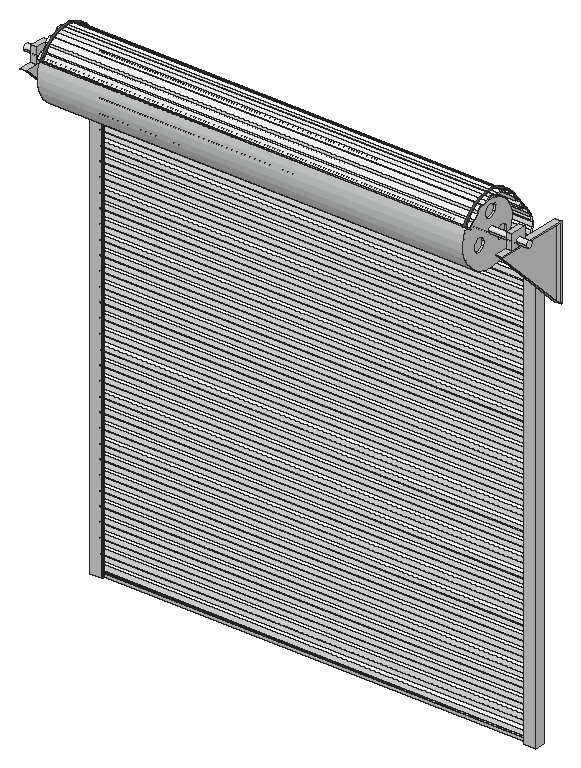
Revit family "ProStar-Rolling-Steel-Sheet-Doors_OHD_Model-790CW-REV-A_compact", category Specialty Equipment, host Wall, Revit 2023 (continued)
Definition of nested family "Operator"
  Forms (in)
    Extrusion 12, void
      sketch origin (10.25478, 9.72219, -22.287) x (1, 0, 0) y (0, 0, 1)
        loop
          arc (-1.483, -0.25) -> (-1.65978, -0.32322) -> (-1.733, -0.5) r 0.25
          line (-1.733, -0.5) -> (-1.733, -5.2)
          arc (-1.733, -5.2) -> (-1.65978, -5.37678) -> (-1.483, -5.45) r 0.25
          line (-1.483, -5.45) -> (-1.436, -5.45)
          arc (-1.436, -5.45) -> (-1.3643, -5.47261) -> (-1.31854, -5.53225) r 0.125
          line (-1.31854, -5.53225) -> (-0.88341, -6.72775)
          arc (-0.88341, -6.72775) -> (-0.83765, -6.78739) -> (-0.76595, -6.81) r 0.125
          line (-0.76595, -6.81) -> (0.76595, -6.81)
          arc (0.76595, -6.81) -> (0.83765, -6.78739) -> (0.88341, -6.72775) r 0.125
          line (0.88341, -6.72775) -> (1.31854, -5.53225)
          arc (1.31854, -5.53225) -> (1.3643, -5.47261) -> (1.436, -5.45) r 0.125
          line (1.436, -5.45) -> (1.483, -5.45)
          arc (1.483, -5.45) -> (1.65978, -5.37678) -> (1.733, -5.2) r 0.25
          line (1.733, -5.2) -> (1.733, -0.5)
          arc (1.733, -0.5) -> (1.65978, -0.32322) -> (1.483, -0.25) r 0.25
      from 5.30399 to 6.38271
    Extrusion 13, solid, material <- "Main Color", visible <- "Electric Operator RLD"
      sketch origin (10.25478, 9.72219, -22.287) x (1, 0, 0) y (0, 0, 1)
        loop
          arc (-1.483, -0.35) -> (-1.58907, -0.39393) -> (-1.633, -0.5) r 0.15
          line (-1.633, -0.5) -> (-1.633, -5.1)
          arc (-1.633, -5.1) -> (-1.58907, -5.20607) -> (-1.483, -5.25) r 0.15
          line (-1.483, -5.25) -> (1.483, -5.25)
          arc (1.483, -5.25) -> (1.58907, -5.20607) -> (1.633, -5.1) r 0.15
          line (1.633, -5.1) -> (1.633, -0.5)
          arc (1.633, -0.5) -> (1.58907, -0.39393) -> (1.483, -0.35) r 0.15
          line (1.483, -0.35) -> (-1.483, -0.35)
      from 5.30399 to 6.46979
    Revolve 14, solid, material <- "Main Color", visible <- "Electric Operator RLD"
      sketch origin (10.25478, 9.72219, -22.287) x (1, 0, 0) y (0, 0, 1)
        loop
          line (-2.7335, 0) -> (-2.7335, 1.1) -> (-4.3055, 1.1) -> (-4.3055, 0.5) -> (-5.9165, 0.5) -> (-5.9165, 0) -> (-2.7335, 0)
        loop
          line (2.7335, 0.624) -> (2.7335, 0) -> (3.4305, 0) -> (3.4305, 0.624) -> (2.7335, 0.624)
        axis (-5.9165, 0) -> (3.4305, 0)
      angle from 0 to 360
    Extrusion 15, solid, material <- "Main Color", visible <- "Electric Operator RLD"
      sketch origin (10.25478, 9.72219, -22.287) x (1, 0, 0) y (0, 1, 0)
        loop
          line (4.5845, 1.967) -> (4.5845, 2.77)
          arc (4.5845, 2.77) -> (4.51128, 2.94678) -> (4.3345, 3.02) r 0.25
          line (4.3345, 3.02) -> (2.9835, 3.02)
          arc (2.9835, 3.02) -> (2.80672, 2.94678) -> (2.7335, 2.77) r 0.25
          line (2.7335, 2.77) -> (2.7335, 1.1) -> (2.8085, 1.1) -> (2.8085, 2.77)
          arc (2.8085, 2.77) -> (2.85976, 2.89374) -> (2.9835, 2.945) r 0.175
          line (2.9835, 2.945) -> (4.3345, 2.945)
          arc (4.3345, 2.945) -> (4.45824, 2.89374) -> (4.5095, 2.77) r 0.175
          line (4.5095, 2.77) -> (4.5095, 1.967) -> (4.5845, 1.967)
        loop
          line (-4.5845, 1.967) -> (-4.5095, 1.967) -> (-4.5095, 2.77)
          arc (-4.5095, 2.77) -> (-4.45824, 2.89374) -> (-4.3345, 2.945) r 0.175
          line (-4.3345, 2.945) -> (-2.9835, 2.945)
          arc (-2.9835, 2.945) -> (-2.85976, 2.89374) -> (-2.8085, 2.77) r 0.175
          line (-2.8085, 2.77) -> (-2.8085, 1.1) -> (-2.7335, 1.1) -> (-2.7335, 2.77)
          arc (-2.7335, 2.77) -> (-2.80672, 2.94678) -> (-2.9835, 3.02) r 0.25
          line (-2.9835, 3.02) -> (-4.3345, 3.02)
          arc (-4.3345, 3.02) -> (-4.51128, 2.94678) -> (-4.5845, 2.77) r 0.25
          line (-4.5845, 2.77) -> (-4.5845, 1.967)
      from -9.168 to 1.9316
    Extrusion 16, void
      sketch origin (14.83928, 11.68919, -22.287) x (0, 1, 0) y (0, 0, 1)
        loop
          line (1.053, 0.1746) -> (0.753, 0.1746) -> (0, -0.5784) -> (0, -6.658) -> (0.753, -7.411) -> (1.053, -7.411) -> (1.053, 0.1746)
        loop
          line (-0.867, 1.9316) -> (-0.867, -9.8661) -> (1.54655, -9.8661) -> (1.54655, 1.9316) -> (-0.867, 1.9316)
      from 0 to -0.25
    Extrusion 17, void
      sketch origin (5.67028, -9.00507, -22.287) x (0, -1, 0) y (0, 0, -1)
        loop
          line (-21.74726, -0.1746) -> (-21.44726, -0.1746) -> (-20.69426, 0.5784) -> (-20.69426, 6.658) -> (-21.44726, 7.411) -> (-21.74726, 7.411) -> (-21.74726, -0.1746)
        loop
          line (-19.82726, -1.9316) -> (-19.82726, 9.8661) -> (-22.24081, 9.8661) -> (-22.24081, -1.9316) -> (-19.82726, -1.9316)
      from 0 to 0.25
  Cuts and joins
    joined: Extrusion 3, Extrusion 6
    Extrusion 9, SweptBlend 10, SweptBlend 11, Extrusion 12 cuts Extrusion 8
    SweptBlend 11 cuts Extrusion 13
    Extrusion 16, Extrusion 17 cuts Extrusion 15
  Lines and regions (in)
    Masking region 1, visible <- "Chain Hoist"
      outline origin (0, 0, 0) x (1, 0, 0) y (0, 1, 0)
        loop
          line (4.25, 4.325) -> (4.25, -4.325) -> (5.75, -4.325) -> (5.75, 4.325) -> (4.25, 4.325)
    Masking region 2, visible <- "Electrical Operator RMZ"
      outline origin (10.5, 12.74219, -25) x (1, 0, 0) y (0, 1, 0)
        loop
          line (4.3125, -7.27045) -> (2.48828, -7.27045) -> (2.48828, -0.12) -> (4.5, -0.12) -> (4.5, 0) -> (-3, 0) -> (-3, -0.12) -> (-2.48828, -0.12) -> (-2.48828, -7.27045) -> (-3, -7.27045) -> (-3, -10.70282)
          arc (-3, -10.70282) -> (0.61574, -10.86777) -> (4.21974, -10.53323) r 26.22103
          arc (4.21974, -10.53323) -> (4.44116, -10.40823) -> (4.5289, -10.16958) r 0.36846
          line (4.5289, -10.16958) -> (4.5289, -9.91303) -> (4.3125, -9.91303) -> (4.3125, -7.27045)
    Masking region 3, visible <- "Electrical Operator RMZ"
      outline origin (10.5, 12.74219, -25) x (1, 0, 0) y (0, 1, 0)
        loop
          line (-8, -3.25) -> (-8, -4.25) -> (-4.5, -4.25) -> (-4.5, -3.25) -> (-8, -3.25)
        loop
          line (8, -3.25) -> (2.48828, -3.25) -> (2.48828, -4.25) -> (8, -4.25) -> (8, -3.25)
        loop
          line (-3, -3.25) -> (-3, -4.25) -> (-2.48828, -4.25) -> (-2.48828, -3.25) -> (-3, -3.25)
    Masking region 4, visible <- "Electric Operator RLD"
      outline origin (10.25478, 9.72219, -22.287) x (1, 0, 0) y (0, 1, 0)
        loop
          line (-4.3055, -0.5) -> (-4.3055, -1.1) -> (-4.25478, -1.1) -> (-4.25478, 1.10009) -> (-4.3055, 1.10009) -> (-4.3055, 0.5) -> (-5.9165, 0.5) -> (-5.9165, -0.5) -> (-4.3055, -0.5)
        loop
          line (-4.5095, 1.967) -> (-4.5095, 2.77)
          arc (-4.5095, 2.77) -> (-4.45824, 2.89374) -> (-4.3345, 2.945) r 0.175
          line (-4.3345, 2.945) -> (-4.25478, 2.945) -> (-4.25478, 3.02) -> (-4.3345, 3.02)
          arc (-4.3345, 3.02) -> (-4.51128, 2.94678) -> (-4.5845, 2.77) r 0.25
          line (-4.5845, 2.77) -> (-4.5845, 1.967) -> (-4.5095, 1.967)
        loop
          spline (-2.75478, -5.7571) -> (-2.68756, -5.78061) -> (-2.6201, -5.80354) -> (-2.55241, -5.82587) -> (-2.48449, -5.84762) -> (-2.41637, -5.86877) -> (-2.34804, -5.88932) -> (-2.27952, -5.90927) -> (-2.21081, -5.92862) -> (-2.14194, -5.94737) -> (-2.07289, -5.9655) -> (-2.00369, -5.98302) -> (-1.93435, -5.99993)
          spline (-1.93435, -5.99993) -> (-1.86766, -6.01559) -> (-1.80084, -6.0307) -> (-1.7339, -6.04526) -> (-1.66684, -6.05927) -> (-1.59967, -6.07273) -> (-1.53239, -6.08563) -> (-1.465, -6.09798) -> (-1.39752, -6.10977) -> (-1.32994, -6.121) -> (-1.26228, -6.13168) -> (-1.19452, -6.14181) -> (-1.12669, -6.15137)
          spline (-1.12669, -6.15137) -> (-1.11508, -6.14657) -> (-1.10347, -6.14176) -> (-1.09186, -6.13694) -> (-1.08026, -6.13211) -> (-1.06865, -6.12727) -> (-1.05705, -6.12242) -> (-1.04544, -6.11756) -> (-1.03384, -6.11269) -> (-1.02223, -6.10782) -> (-1.01063, -6.10293) -> (-0.99903, -6.09804) -> (-0.98742, -6.09313)
          arc (-0.98742, -6.09313) -> (0.00011, -6.14753) -> (0.98765, -6.09311) r 8.98829
          spline (0.98765, -6.09311) -> (0.99923, -6.098) -> (1.01081, -6.10289) -> (1.0224, -6.10777) -> (1.03398, -6.11263) -> (1.04557, -6.11749) -> (1.05715, -6.12234) -> (1.06873, -6.12718) -> (1.08032, -6.13201) -> (1.09191, -6.13683) -> (1.10349, -6.14165) -> (1.11508, -6.14645) -> (1.12667, -6.15124)
          spline (1.12667, -6.15124) -> (1.26316, -6.13142) -> (1.39931, -6.10933) -> (1.53507, -6.08499) -> (1.67041, -6.0584) -> (1.80529, -6.02958) -> (1.93968, -5.99852) -> (2.07353, -5.96524) -> (2.20681, -5.92975) -> (2.33948, -5.89205) -> (2.47151, -5.85215) -> (2.60286, -5.81008) -> (2.7335, -5.76583)
          line (2.7335, -5.76583) -> (2.7335, -0.624) -> (3.4305, -0.624) -> (3.4305, 0.624) -> (2.7335, 0.624) -> (2.7335, 1.1) -> (2.8085, 1.1) -> (2.8085, 2.77)
          arc (2.8085, 2.77) -> (2.85976, 2.89374) -> (2.9835, 2.945) r 0.175
          line (2.9835, 2.945) -> (4.3345, 2.945)
          arc (4.3345, 2.945) -> (4.45824, 2.89374) -> (4.5095, 2.77) r 0.175
          line (4.5095, 2.77) -> (4.5095, 1.967) -> (4.5845, 1.967) -> (4.5845, 2.77)
          arc (4.5845, 2.77) -> (4.51128, 2.94678) -> (4.3345, 3.02) r 0.25
          line (4.3345, 3.02) -> (2.9835, 3.02)
          arc (2.9835, 3.02) -> (2.80672, 2.94678) -> (2.7335, 2.77) r 0.25
          line (2.7335, 2.77) -> (2.7335, 2.57) -> (-2.75478, 2.57) -> (-2.75478, -5.7571)
    reference lines
      curve 1: line (10.5, 12.74219, 0) -> (10.5, 12.74219, 10)
      curve 2: line (10.5, 12.74219, -25) -> (23.5, 12.74219, -25)
      curve 6: line (10.25478, 9.72219, -22.287) -> (22.25478, 9.72219, -22.287)
    symbolic lines, visible <- "Electrical Operator RMZ"
      curve 3: line (8.01172, 12.74219, -25) -> (8.01172, 5.47173, -25)
      curve 4: line (12.98828, 5.47173, -25) -> (12.98828, 12.74219, -25)
      curve 5: line (8.01172, 5.47173, -25) -> (12.98828, 5.47173, -25)
    symbolic lines, visible <- "Electric Operator RLD"
      curve 7: line (5.94928, 10.82227, -22.287) -> (5.94928, 8.62219, -22.287)
      curve 8: line (12.98828, 12.29219, -22.287) -> (12.98828, 3.95636, -22.287)
      curve 9: line (8.62178, 4.12293, -22.287) -> (8.62178, 3.73646, -22.287)
      curve 10: spline (8.77157, 4.1224, -22.287) -> (8.75206, 4.12401, -22.287) -> (8.73287, 4.12538, -22.287) -> (8.71433, 4.12648, -22.287) -> (8.69676, 4.1273, -22.287) -> (8.68046, 4.12781, -22.287) -> (8.66572, 4.12802, -22.287) -> (8.65279, 4.12791, -22.287) -> (8.64189, 4.12749, -22.287) -> (8.63321, 4.12677, -22.287) -> (8.6269, 4.12576, -22.287) -> (8.62307, 4.12447, -22.287) -> (8.62178, 4.12293, -22.287)
      curve 11: arc (11.7399, 4.12256, -22.287) -> (10.25574, 4.06092, -22.287) -> (8.77157, 4.1224, -22.287) r 17.92155
      curve 12: spline (8.62178, 3.73646, -22.287) -> (8.62377, 3.73437, -22.287) -> (8.62821, 3.73191, -22.287) -> (8.63504, 3.72911, -22.287) -> (8.64413, 3.72601, -22.287) -> (8.65535, 3.72267, -22.287) -> (8.6685, 3.71915, -22.287) -> (8.68338, 3.7155, -22.287) -> (8.69974, 3.71178, -22.287) -> (8.7173, 3.70805, -22.287) -> (8.73579, 3.70437, -22.287) -> (8.7549, 3.70081, -22.287) -> (8.77431, 3.69742, -22.287)
      curve 13: arc (8.77431, 3.69742, -22.287) -> (10.25556, 3.57465, -22.287) -> (11.7368, 3.69768, -22.287) r 8.98829
      curve 14: spline (11.7368, 3.69768, -22.287) -> (11.75606, 3.70112, -22.287) -> (11.77501, 3.70472, -22.287) -> (11.79332, 3.70842, -22.287) -> (11.81071, 3.71215, -22.287) -> (11.82689, 3.71587, -22.287) -> (11.8416, 3.7195, -22.287) -> (11.8546, 3.72299, -22.287) -> (11.86569, 3.72628, -22.287) -> (11.87468, 3.72932, -22.287) -> (11.88142, 3.73207, -22.287) -> (11.88581, 3.73447, -22.287) -> (11.88778, 3.73648, -22.287)
      curve 15: line (11.88778, 3.73648, -22.287) -> (11.88778, 4.12293, -22.287)
      curve 16: spline (11.88778, 4.12293, -22.287) -> (11.88652, 4.12439, -22.287) -> (11.88275, 4.12561, -22.287) -> (11.87654, 4.12657, -22.287) -> (11.868, 4.12726, -22.287) -> (11.85726, 4.12766, -22.287) -> (11.84452, 4.12777, -22.287) -> (11.82999, 4.12759, -22.287) -> (11.81391, 4.12712, -22.287) -> (11.79656, 4.12636, -22.287) -> (11.77823, 4.12534, -22.287) -> (11.75924, 4.12407, -22.287) -> (11.7399, 4.12256, -22.287)
      curve 17: arc (7.52128, 4.41018, -22.287) -> (10.25478, 4.31219, -22.287) -> (12.98828, 4.41018, -22.287) r 38.174
  Dimensions and locks (in)
    Extrusion 1 sketch curve to Extrusion 1 sketch curve = 8.65"
    plane 3 "Center (Left/Right)" to plane 4 = 3 1/4"
    "Floor To CL": level to plane 6
    locked: plane 7 to plane 6 at 30
    "Chain Offset": level to Sweep 2 sketch curve  (x2)
    locked: plane 1 "Center (Front/Back)" to plane 8 at 12.74219
    locked: curve 1 to curve 1 at 10
    locked: curve 2 to curve 2 at 13
    level to curve 2 = 25"
    "C H Offset": plane 1 "Center (Front/Back)" to Extrusion 7 sketch curve
    "C V Offset": level to Extrusion 7 sketch curve
    locked: curve 6 to curve 6 at 12
    locked: Extrusion 8 sketch curve to Extrusion 8 sketch curve at 14.55
    locked: Extrusion 8 sketch curve to curve 6 at 2.182
    locked: Extrusion 8 sketch curve to Extrusion 8 sketch curve at 5.467
    Extrusion 8 sketch curve to Extrusion 8 sketch curve = 5.467"
    locked: SweptBlend 11 sketch curve to curve 6 at 6.24
    locked: SweptBlend 10 sketch curve to curve 6 at 6.24
    locked: plane 9 to SweptBlend 10 sketch curve at 5.998
    locked: SweptBlend 10 sketch curve to SweptBlend 10 sketch curve at 6.37
    locked: SweptBlend 11 sketch curve to plane 9 at 2.182
    locked: SweptBlend 11 sketch curve to SweptBlend 11 sketch curve at 8.36382
    locked: level to plane 9 at 22.287
    locked: plane 8 to curve 6 at 3.02
    locked: Extrusion 15 sketch curve to Extrusion 15 sketch curve at 0.075  (x6)
    locked: Extrusion 15 sketch curve to Extrusion 15 sketch curve at 1.053  (x2)
    locked: Extrusion 15 sketch curve to Extrusion 15 sketch curve at 1.92  (x2)
    radius of Extrusion 8 sketch curve = 0.296"  (x4)
    radius of Extrusion 9 sketch curve = 1/4"  (x2)
    radius of Extrusion 9 sketch curve = 0.21"  (x2)
    radius of Extrusion 12 sketch curve = 1/4"  (x4)
    radius of Extrusion 12 sketch curve = 1/8"  (x4)
    radius of Extrusion 15 sketch curve = 1/4"  (x4)
    radius of Extrusion 15 sketch curve = 0.175"  (x4)
    aligned and locked: plane 2 to level
    aligned and locked: Extrusion 1 to plane 5 "1"
    aligned and locked: plane 7 to Sweep 2 sketch curve  (x2)
    aligned and locked: Masking region 1 sketch curve to Extrusion 1  (x4)
    aligned and locked: level to curve 1
    aligned and locked: Extrusion 7 to plane 3 "Center (Left/Right)"
    aligned and locked: Revolve 14 sketch curve to curve 6
    aligned and locked: Revolve 14 sketch curve to Revolve 14 sketch curve
  Automatic sketch dimensions
    plane 1 "Center (Front/Back)" to Extrusion 1 sketch curve = 4.325"
    plane 1 "Center (Front/Back)" to Extrusion 1 sketch curve = 1 1/2"
    Extrusion 1 sketch curve to plane 1 "Center (Front/Back)" = 1 1/2"
    Extrusion 1 sketch curve to level = 10.72"
    Extrusion 1 sketch curve to Extrusion 1 sketch curve = 1.50208"  (x2)
    level to Extrusion 1 sketch curve = 1.68"
    profile plane to Sweep 2 sketch curve = 0"
    plane 5 "1" to Sweep 2 sketch curve = 3/4"
    plane 5 "1" to curve 1 = 6 1/4"
    curve 1 to Extrusion 3 sketch curve = 2 125/256"
    Extrusion 3 sketch curve to curve 1 = 41"
    Extrusion 3 sketch curve to Extrusion 3 sketch curve = 19 7/8"
    Extrusion 3 sketch curve to curve 1 = 2 125/256"
    curve 2 to curve 1 = 0"
    Extrusion 4 sketch curve to curve 2 = 0"
    curve 2 to Extrusion 4 sketch curve = 0"
    Extrusion 4 sketch curve to curve 2 = 4 1/2"
    Extrusion 4 sketch curve to Extrusion 4 sketch curve = 2 3/256"  (x2)
    curve 2 to Extrusion 4 sketch curve = 2 125/256"
    curve 2 to Extrusion 4 sketch curve = 0.12"  (x2)
    Extrusion 5 sketch curve to curve 2 = 0"
    curve 2 to Extrusion 5 sketch curve = 15.34603"
    Extrusion 5 sketch curve to curve 2 = 4.16044"
    Extrusion 5 sketch curve to Extrusion 5 sketch curve = 0.15206"  (x2)
    Extrusion 5 sketch curve to Extrusion 5 sketch curve = 0.2164"  (x2)
    curve 2 to Extrusion 5 sketch curve = 4.16044"
    Extrusion 5 sketch curve to curve 2 = 7.27045"
    Extrusion 5 sketch curve to Extrusion 5 sketch curve = 2.64258"  (x2)
    Extrusion 5 sketch curve to Extrusion 5 sketch curve = 0.25654"  (x2)
    Extrusion 5 sketch curve to Extrusion 5 sketch curve = 0"
    curve 1 to Extrusion 6 sketch curve = 3 3/4"
    Extrusion 6 sketch curve to curve 1 = 25.005"
    Masking region 2 sketch curve to curve 2 = 0"  (x2)
    curve 2 to Masking region 2 sketch curve = 15.34603"
    curve 2 to Masking region 2 sketch curve = 0.12"  (x2)
    Masking region 2 sketch curve to curve 2 = 2 125/256"
    Masking region 2 sketch curve to Masking region 2 sketch curve = 131/256"  (x2)
    curve 2 to Masking region 2 sketch curve = 2 125/256"
    Masking region 2 sketch curve to Masking region 2 sketch curve = 1.67216"
    Masking region 2 sketch curve to Masking region 2 sketch curve = 0.15206"
    Masking region 2 sketch curve to Masking region 2 sketch curve = 2 3/256"
    Masking region 2 sketch curve to Masking region 2 sketch curve = 0.2164"
    Masking region 2 sketch curve to curve 2 = 7.27045"  (x2)
    Masking region 2 sketch curve to Masking region 2 sketch curve = 2.64258"
    Masking region 2 sketch curve to Masking region 2 sketch curve = 0.25654"
    Masking region 2 sketch curve to curve 2 = 10.70282"
    curve 3 to curve 2 = 0"
    curve 2 to curve 4 = 0"
    curve 3 to curve 2 = 2 125/256"
    curve 2 to curve 5 = 2 125/256"
    curve 5 to curve 2 = 7.27045"
    Masking region 3 sketch curve to curve 2 = 8"
    Masking region 3 sketch curve to Masking region 3 sketch curve = 3 1/2"
    Masking region 3 sketch curve to Masking region 3 sketch curve = 1 1/2"
    Masking region 3 sketch curve to Masking region 3 sketch curve = 131/256"
    curve 2 to Masking region 3 sketch curve = 2 125/256"
    Masking region 3 sketch curve to curve 2 = 5"
    Masking region 3 sketch curve to curve 2 = 4 1/4"  (x2)
    curve 2 to Masking region 3 sketch curve = 4 1/4"
    Masking region 3 sketch curve to Masking region 3 sketch curve = 1"  (x3)
    Extrusion 8 sketch curve to curve 6 = 2.7335"
    Extrusion 9 sketch curve to curve 6 = 2.7335"
    Extrusion 9 sketch curve to Extrusion 9 sketch curve = 0.1335"  (x2)
    curve 6 to Extrusion 9 sketch curve = 0.145"
    curve 6 to Extrusion 9 sketch curve = 2.14"
    Extrusion 9 sketch curve to Extrusion 9 sketch curve = 0.5935"
    Extrusion 9 sketch curve to Extrusion 9 sketch curve = 1.19"  (x2)
    Extrusion 9 sketch curve to Extrusion 9 sketch curve = 2.465"
    SweptBlend 10 sketch curve to profile plane = 14.7335"  (x2)
    SweptBlend 10 sketch curve to SweptBlend 10 sketch curve = 2.46374"  (x2)
    SweptBlend 10 sketch curve to SweptBlend 10 sketch curve = 0.26976"  (x4)
    profile plane to SweptBlend 10 sketch curve = 2.007"
    SweptBlend 10 sketch curve to SweptBlend 10 sketch curve = 5.467"  (x2)
    SweptBlend 10 sketch curve to profile plane = 1.743"  (x2)
    SweptBlend 10 sketch curve to SweptBlend 10 sketch curve = 7.83"
    SweptBlend 10 sketch curve to SweptBlend 10 sketch curve = 0.37887"  (x2)
    SweptBlend 10 sketch curve to profile plane = 1.25556"
    profile plane to SweptBlend 10 sketch curve = 3.24"
    SweptBlend 10 sketch curve to profile plane = 0.46716"  (x2)
    SweptBlend 10 sketch curve to SweptBlend 10 sketch curve = 7.87284"
    SweptBlend 10 sketch curve to SweptBlend 10 sketch curve = 0.33603"  (x2)
    SweptBlend 10 sketch curve to SweptBlend 10 sketch curve = 0.33034"
    SweptBlend 11 sketch curve to profile plane = 12"
    profile plane to SweptBlend 11 sketch curve = 39.004"
    profile plane to SweptBlend 11 sketch curve = 0.92799"  (x2)
    SweptBlend 11 sketch curve to profile plane = 0.32201"
    SweptBlend 11 sketch curve to profile plane = 14.7335"  (x2)
    profile plane to SweptBlend 11 sketch curve = 8.23084"
    profile plane to SweptBlend 11 sketch curve = 0.46716"  (x2)
    SweptBlend 11 sketch curve to profile plane = 0.78284"
    SweptBlend 11 sketch curve to SweptBlend 11 sketch curve = 2.7335"
    Extrusion 12 sketch curve to curve 6 = 1.733"
    Extrusion 12 sketch curve to Extrusion 12 sketch curve = 0.047"
    Extrusion 12 sketch curve to Extrusion 12 sketch curve = 0.11746"  (x2)
    Extrusion 12 sketch curve to curve 6 = 0.88341"
    curve 6 to Extrusion 12 sketch curve = 0.76595"
    Extrusion 12 sketch curve to Extrusion 12 sketch curve = 0.43513"
    curve 6 to Extrusion 12 sketch curve = 1/2"
    curve 6 to Extrusion 12 sketch curve = 1.483"
    Extrusion 12 sketch curve to curve 6 = 5.2"
    Extrusion 12 sketch curve to Extrusion 12 sketch curve = 0"
    curve 6 to Extrusion 13 sketch curve = 1/2"  (x2)
    Extrusion 13 sketch curve to curve 6 = 1.633"
    Extrusion 13 sketch curve to Extrusion 13 sketch curve = 0.15"  (x2)
    curve 6 to Extrusion 13 sketch curve = 1.483"  (x2)
    Extrusion 13 sketch curve to curve 6 = 5.1"
    Revolve 14 sketch curve to curve 6 = 0"  (x2)
    Revolve 14 sketch curve to curve 6 = 0.624"
    curve 6 to Revolve 14 sketch curve = 3.4305"
    Revolve 14 sketch curve to Revolve 14 sketch curve = 0.697"
    Revolve 14 sketch curve to curve 6 = 2.7335"
    Revolve 14 sketch curve to Revolve 14 sketch curve = 1.572"
    Revolve 14 sketch curve to Revolve 14 sketch curve = 1.611"
    Revolve 14 sketch curve to curve 6 = 1/2"
    Revolve 14 sketch curve to Revolve 14 sketch curve = 0.6"
    Revolve 14 sketch curve to Revolve 14 sketch curve = 1.5835"
    plane 5 "1" to curve 6 = 6.00478"
    Extrusion 15 sketch curve to Extrusion 15 sketch curve = 0"  (x8)
    Extrusion 15 sketch curve to curve 6 = 4.5845"
    Extrusion 15 sketch curve to Extrusion 15 sketch curve = 1.351"  (x2)
    Extrusion 15 sketch curve to curve 6 = 1.1"  (x2)
    curve 6 to Extrusion 15 sketch curve = 2.7335"
    Extrusion 16 sketch curve to Extrusion 15 = 0"  (x2)
    Extrusion 16 sketch curve to Extrusion 15 = 0.867"
    Extrusion 15 to Extrusion 16 sketch curve = 0.05"  (x2)
    Extrusion 16 sketch curve to Extrusion 15 = 1/4"
    Extrusion 16 sketch curve to Extrusion 15 = 0.74355"
    Extrusion 15 to Extrusion 16 sketch curve = 1.757"
    Extrusion 16 sketch curve to Extrusion 16 sketch curve = 0.753"  (x2)
    Extrusion 15 to Extrusion 16 sketch curve = 2.51"
    Extrusion 16 sketch curve to Extrusion 15 = 0.6981"
    Extrusion 15 to Extrusion 17 sketch curve = 0"
    Extrusion 17 sketch curve to Extrusion 15 = 0"
    Extrusion 15 to Extrusion 17 sketch curve = 0.867"
    Extrusion 17 sketch curve to Extrusion 15 = 0.05"  (x2)
    Extrusion 15 to Extrusion 17 sketch curve = 1/4"
    Extrusion 15 to Extrusion 17 sketch curve = 0.74355"
    Extrusion 15 to Extrusion 17 sketch curve = 1.757"
    Extrusion 17 sketch curve to Extrusion 17 sketch curve = 0.753"  (x2)
    Extrusion 15 to Extrusion 17 sketch curve = 2.51"
    Extrusion 17 sketch curve to Extrusion 15 = 0.6981"
    Masking region 4 sketch curve to Masking region 4 sketch curve = 0"  (x9)
    Masking region 4 sketch curve to curve 6 = 0"
    curve 6 to Masking region 4 sketch curve = 2.84076"
    Masking region 4 sketch curve to curve 6 = 2.75478"
    curve 6 to Masking region 4 sketch curve = 1/2"
    Masking region 4 sketch curve to Masking region 4 sketch curve = 1.55072"
    Masking region 4 sketch curve to Masking region 4 sketch curve = 1 1/2"
    Masking region 4 sketch curve to Masking region 4 sketch curve = 0.05072"  (x2)
    Masking region 4 sketch curve to Masking region 4 sketch curve = 0.07972"
    Masking region 4 sketch curve to Masking region 4 sketch curve = 0.175"  (x3)
    Masking region 4 sketch curve to Masking region 4 sketch curve = 0.075"  (x3)
    Masking region 4 sketch curve to curve 6 = 1/2"
    Masking region 4 sketch curve to Masking region 4 sketch curve = 1.611"
    curve 6 to Masking region 4 sketch curve = 2.7335"
    Masking region 4 sketch curve to Masking region 4 sketch curve = 0.697"
    Masking region 4 sketch curve to Masking region 4 sketch curve = 1.351"
    curve 6 to Masking region 4 sketch curve = 0.624"
    Masking region 4 sketch curve to curve 6 = 5.7571"
    Masking region 4 sketch curve to Masking region 4 sketch curve = 5.14183"
    Masking region 4 sketch curve to curve 6 = 0.624"
    Masking region 4 sketch curve to Masking region 4 sketch curve = 0.476"
    Masking region 4 sketch curve to Masking region 4 sketch curve = 0.60009"
    Masking region 4 sketch curve to Masking region 4 sketch curve = 0.86691"
    Masking region 4 sketch curve to Masking region 4 sketch curve = 1.343"
    Masking region 4 sketch curve to Masking region 4 sketch curve = 0.603"
    Masking region 4 sketch curve to Masking region 4 sketch curve = 0.803"
    Masking region 4 sketch curve to Masking region 4 sketch curve = 0.2"
    Masking region 4 sketch curve to curve 6 = 0.00107"
    Masking region 4 sketch curve to curve 6 = 0.95087"
    Masking region 4 sketch curve to curve 6 = 0.98742"
    Masking region 4 sketch curve to Masking region 4 sketch curve = 0.13926"
    Masking region 4 sketch curve to Masking region 4 sketch curve = 0.80766"
    Masking region 4 sketch curve to curve 6 = 0.0014"
    Masking region 4 sketch curve to Masking region 4 sketch curve = 0.90539"
    Masking region 4 sketch curve to curve 6 = 7.10094"
    Masking region 4 sketch curve to Masking region 4 sketch curve = 1.49709"
    curve 6 to Masking region 4 sketch curve = 0.00104"
    curve 6 to Masking region 4 sketch curve = 0.98765"
    Masking region 4 sketch curve to Masking region 4 sketch curve = 0.13902"
    Masking region 4 sketch curve to curve 6 = 4.89907"
    Masking region 4 sketch curve to curve 6 = 2.16329"
    Masking region 4 sketch curve to Masking region 4 sketch curve = 3.73425"
    Masking region 4 sketch curve to Masking region 4 sketch curve = 0.05814"
    Masking region 4 sketch curve to Masking region 4 sketch curve = 0.05824"
    Masking region 4 sketch curve to Masking region 4 sketch curve = 1.61386"
    Masking region 4 sketch curve to Masking region 4 sketch curve = 1.62272"
    Masking region 4 sketch curve to Masking region 4 sketch curve = 0.6"
    curve 11 to curve 6 = 0"
    curve 13 to curve 6 = 0"
    curve 17 to curve 6 = 0"
    curve 6 to curve 13 = 2.84076"
    curve 6 to curve 11 = 12.26028"
    curve 6 to curve 17 = 32.764"
    curve 9 to curve 6 = 1.633"
    curve 6 to curve 15 = 1.633"
    curve 15 to curve 6 = 5.98571"
    curve 9 to curve 6 = 5.98573"
    curve 9 to curve 12 = 0.30379"
    curve 12 to curve 12 = 0.15126"
    curve 12 to curve 12 = 0.00068"
    curve 9 to curve 10 = 0.14979"
    curve 10 to curve 10 = 0.00108"
    curve 9 to curve 10 = 0"  (x3)
    curve 17 to curve 10 = 1.1005"
    curve 7 to curve 6 = 1.10009"
    curve 7 to curve 6 = 4.3055"
    curve 16 to curve 15 = 0.29752"
    curve 14 to curve 14 = 0.15176"
    curve 14 to curve 13 = 0.00077"
    curve 16 to curve 15 = 0.14876"
    curve 16 to curve 11 = 0.00088"
    curve 16 to curve 15 = 0"  (x2)
    curve 15 to curve 14 = 0.0001"
    curve 6 to curve 8 = 2.7335"
    curve 8 to curve 6 = 2.57"
    curve 6 to curve 7 = 1.1"
    curve 12 to curve 17 = 0.67372"
    curve 12 to curve 10 = 0.38656"
    curve 16 to curve 15 = 0.00037"
    curve 9 to curve 10 = 0.00009"
    curve 8 to curve 17 = 0.45382"
    curve 15 to curve 14 = 0.00072"
    Sweep 2 sketch curve to plane 1 "Center (Front/Back)" = 0"
    plane 1 "Center (Front/Back)" to Sweep 2 sketch curve = 2.9125"
    radius of Sweep 2 sketch curve = 0.3"
    radius of Extrusion 6 sketch curve = 1/2"
    radius of Extrusion 7 sketch curve = 1"
Types (5): name | Voltage Real | Voltage | Motor Type Selection Real | Motor Type | Manual | Frequency | Electrical Operator Real | Electrical Operator RMZ | Electric Operator RLD | Current | Chain Hoist | Apparent Load Phase 1
  ‏​Manual push-up | 0 V | 0 V | 2 | "Manual" | yes | 0 Hz | no | no | no | 0 A | no | 0 VA
  Chain Hoist | 0 V | 0 V | 2 | "Chain Hoist" | yes | 0 Hz | no | no | no | 0 A | yes | 0 VA
  115 volts, one phase, 60 Hz (110-120V range) | 115 V | 120 V | 1 | "RLD Wall Mount" | no | 60 Hz | yes | no | yes | 4 A | no | 480 VA
  208 volts, one phase, 60 Hz (190-207V range) | 208 V | 208 V | 2 | "RMZ Wall Mount" | no | 60 Hz | yes | yes | no | 20 A | no | 4160 VA
  230 volts, one phase, 60 Hz (208-245V range) | 230 V | 230 V | 2 | "RMZ Wall Mount" | no | 60 Hz | yes | yes | no | 20 A | no | 4600 VA
